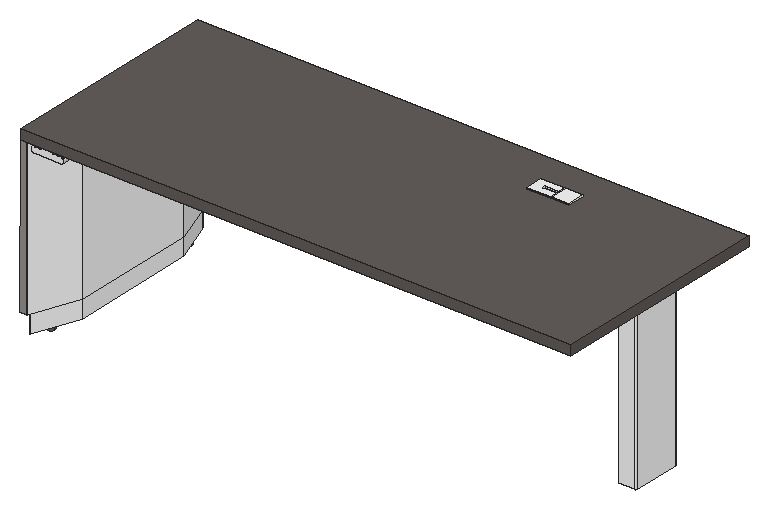
Revit family "Workstations-Multi_Level-Teknion-B_ARHB-Run-Off_High_Secondary_Bevel_Base-R2018", category Furniture, Revit 2018
Family settings
  OmniClass Number = 23.40.20.00
  OmniClass Title = General Furniture and Specialties
  Work Plane-Based = No
  Always vertical = Yes
  Cut with Voids When Loaded = No
  Shared = Yes
  Room Calculation Point = No
Parameters (values of type "1-9/16" Thick WS, 35"d")
  Worksurface Thickness = 1.555"
  Worksurface Finish [instance] = Veneer - Teknion - VB - Flintwood - Black Walnut
  Width [instance] = 87.000"
  Warranty = "http://www.teknion.com/ca/papers/legal-canada"
  Unit Weight URL = "http://www.teknion.com/ca/tools/assets#&asset=bee6a381-b954-425e-8283-5a2de3a804f2,f828d448-4b62-4231-9e5f-9a8991c0ed77"
  Product Documentation Link #5 = "http://www.teknion.com/pricing/expansion-casegoods/pdfs/BASMM_ppg.pdf"
  Product Documentation Link #4 = "http://www.teknion.com/pricing/expansion-casegoods/pdfs/BASMG_ppg.pdf"
  Product Documentation Link #3 = "http://www.teknion.com/pricing/expansion-casegoods/pdfs/BASML_ppg.pdf"
  Product Documentation Link #2 = "http://www.teknion.com/pricing/expansion-casegoods/pdfs/BASME_ppg.pdf"
  No Grommet Option [instance] = not(or(Has Centered Rectangular & Square Grommet, Has Centered Rectangular Grommet, Has Offset Rectangular & Square Grommet, Has Offset Rectangular Grommet))  # no
  Actual Height [instance] = Height - 1.193"  # 27.807"
  URL = "www.teknion.com"
  Sustainability Data = "http://www.teknion.com/ca/tools/assets#&topic=216f99a5-57a0-44fc-b10a-9dee9b29ae4c&asset=444deb64-fe58-4b68-981e-f75e97781df7"
  Suspended Modesty Panel Options [instance] = "Select one of the options below."  # constant formula
  Suspended Modesty Panel - Solid Finish [instance] = Veneer-Teknion-5T-Flintwood-White_Truffle (Long Grain)
  Suspended Modesty Panel - Solid [instance] = no
  Suspended Modesty Panel - Metal Finish [instance] = Paint-Teknion-20-T-Foundation-Atrium White
  Suspended Modesty Panel - Metal [instance] = no
  Suspended Modesty Panel - Glass Hardware Finish = Paint - Teknion - Mica - Very White
  Suspended Modesty Panel - Glass Finish [instance] = Glass - Teknion - FT - Frosted Glass
  Suspended Modesty Panel - Glass [instance] = no
  Suspended Modesty Panel - Felt Finish [instance] = Fabric-Teknion-RB13-Carrera
  Suspended Modesty Panel - Felt [instance] = no
  Suspended Modesty Height Options [instance] = "Select one of the options below."  # constant formula
  Square Grommet Visibility [instance] = or(Has Centered Rectangular & Square Grommet, Has Offset Rectangular & Square Grommet)  # no
  Square Grommet Horizontal Offset [instance] = if(Has Centered Rectangular & Square Grommet, Width / 2 - 1.008", Width / 2 + 3.492")  # 46.992"
  Square Grommet Hole Depth [instance] = if(or(Has Centered Rectangular & Square Grommet, Has Offset Rectangular & Square Grommet), 5.893", 0.500")  # 0.500"
  Series = "Expansion Casegoods"  # constant formula
  Product Page URL = "http://www.teknion.com/ca/products/product-details?productlineid=0053336e-8e7a-673b-a6c8-ff00004460c4"
  Product Line = "Expansion Casegoods"  # constant formula
  Product Documentation Link = "http://www.teknion.com/pricing/expansion-casegoods/pdfs/B_ARHB_ppg.pdf"
  Part Number = "B_ARHB"  # constant formula
  Panel Offset [instance] = if([Connects to 20" Depth High Secondary Desk], 19.000", 23.000")  # 19.000"
  Panel Height [instance] = if([10" Height Suspended Modesty Panel], 10.009", 6.636")  # 10.009"
  Model = "BXARHBE35_____"
  Manufacturer Phone = "416-661-3370"  # constant formula
  Manufacturer Fax = "416.661.4586"  # constant formula
  Manufacturer Contact Information = "http://www.teknion.com/ca/contactus"
  Manufacturer Address = "1150 Flint Road, Toronto, ON. M3J 2J5. Canada"  # constant formula
  Manufacturer = "Teknion"  # constant formula
  Left Door Cabinet Front Face Length [instance] = if(Depth = 24.000", 8.250", 10.250")  # 10.250"
  Height [instance] = 29.000"
  Has Offset Rectangular Grommet [instance] = yes
  Has Offset Rectangular & Square Grommet [instance] = no
  Has Centered Rectangular Grommet [instance] = no
  Has Centered Rectangular & Square Grommet [instance] = no
  Grommet Option Note [instance] = "Please choose one of the following options below."  # constant formula
  Connects to 24" Depth High Secondary Desk [instance] = not([Connects to 20" Depth High Secondary Desk])  # no
  Connection to Secondary Desk Note [instance] = "Please choose one of the following options below."  # constant formula
  Connection Node Visibility [instance] = yes
  Available Widths [instance] = "57, 63, 69, 75, 81, 87 inches."  # constant formula
  Grommet Visibility [instance] = or(Has Centered Rectangular Grommet, Has Centered Rectangular & Square Grommet, Has Offset Rectangular & Square Grommet, Has Offset Rectangular Grommet)  # yes
  Grommet Horizontal Offset [instance] = if(or(Has Centered Rectangular Grommet, Has Centered Rectangular & Square Grommet), Width / 2 - 3.327", 22.173")  # 22.173"
  Grommet Finish [instance] = Mica - Teknion - V - Satin - Very White
  End Gable Finish [instance] = Source Laminate - Teknion - DE - Latte
  Description = "Height-Adjustable Run-Off – High Secondary Desk - Bevel Base, 1-9/16\" Thick Worksurface Thickness, Extended Range Electric - 29\" to 48\", 35\" Depth"
  Depth = 35.000"
  Connects to 20" Depth High Secondary Desk [instance] = yes
  Base Width Offset [instance] = if(Depth = 30.000", 13.973", 20.000")  # 20.000"
  Base Finish [instance] = Mica - Teknion - V - Satin - Very White
  Available Heights [instance] = "29 inches to 48 inches."  # constant formula
  Assembly Code = "E2020200"
  Accessory Offset [instance] = if(Depth = 24.000", 2.909", 4.877")  # 4.877"
  6" Height Suspended Modesty Panel [instance] = no
  10" Height Suspended Modesty Panel [instance] = yes
Types (4): name | Worksurface Thickness | Model | Description | Depth
  1-3/16" Thick WS, 29"d | 1.18898" | "BMARHBE29_____" | "Height-Adjustable Run-Off – High Secondary Desk - Bevel Base, 1-3/16\" Thick Worksurface Thickness, Extended Range Electric - 29\" to 48\", 29\" Depth" | 29.000"
  1-3/16" Thick WS, 35"d | 1.18898" | "BMARHBE35_____" | "Height-Adjustable Run-Off – High Secondary Desk - Bevel Base, 1-3/16\" Thick Worksurface Thickness, Extended Range Electric - 29\" to 48\", 35\" Depth" | 35.000"
  1-9/16" Thick WS, 35"d | 1.555" | "BXARHBE35_____" | "Height-Adjustable Run-Off – High Secondary Desk - Bevel Base, 1-9/16\" Thick Worksurface Thickness, Extended Range Electric - 29\" to 48\", 35\" Depth" | 35.000"
  1-9/16" Thick WS, 29"d | 1.555" | "BXARHBE29_____" | "Height-Adjustable Run-Off – High Secondary Desk - Bevel Base, 1-9/16\" Thick Worksurface Thickness, Extended Range Electric - 29\" to 48\", 29\" Depth" | 29.000"
Reference planes (in)
  plane 1 "Center Front/Back": x = 8.90555
  plane 2: z = 0
  plane 3 "Center Left/Right": y = -7.56999
  plane 4 "Left": y = 9.93001
  plane 5 "Right": y = -25.06999
  plane 6 "Back": x = 52.40555
  plane 7 "Front": x = -34.59445
  plane 8 "Top": z = 29.362
  plane 9: z = 27.807
  plane 10: z = 30.112
  plane 11: z = 29.51948
  plane 12: z = 0.60236
  plane 13: z = 3.44882
  plane 14: y = -10.56999
  plane 15: y = -4.56999
  plane 16: x = 29.50755
  plane 17: x = -26.16926
  plane 18: y = -24.20385
  plane 19 "Panel Ref Level Plane": y = 1.42101
  plane 20: x = 33.40555
  plane 21: x = -29.59445
  plane 22 "Bottom of Panel Plane": z = 17.798
  plane 23: z = 26.618
  plane 24: z = 25.783
  plane 25: y = -7.06999
Forms (in)
  Extrusion 1, solid, material "Veneer - Teknion - VB - Flintwood - Black Walnut" <- "Worksurface Finish"
    sketch origin (-182.72571, 43.43001, 29.362) x (0, 1, 0) y (-1, 0, 0)
      loop
        line (-33.5, -235.13125) -> (-33.5, -148.13125) -> (-68.5, -148.13125) -> (-68.5, -235.13125) -> (-33.5, -235.13125)
    from 0 to -1.555
  Extrusion 2, void
    sketch origin (-2.72571, -3.23929, 23.85724) x (0, -1, 0) y (1, 0, 0)
      loop
        arc (-3.13386, 30.63925) -> (-3.42617, 30.51818) -> (-3.54724, 30.22587) r 0.41339
        line (-3.54724, 30.22587) -> (-3.54724, 29.03689)
        arc (-3.54724, 29.03689) -> (-3.42617, 28.74458) -> (-3.13386, 28.62351) r 0.41339
        line (-3.13386, 28.62351) -> (-1.94488, 28.62351)
        arc (-1.94488, 28.62351) -> (-1.65257, 28.74458) -> (-1.5315, 29.03689) r 0.41339
        line (-1.5315, 29.03689) -> (-1.5315, 30.22587)
        arc (-1.5315, 30.22587) -> (-1.65257, 30.51818) -> (-1.94488, 30.63925) r 0.41339
        line (-1.94488, 30.63925) -> (-3.13386, 30.63925)
    from 5.75476 to 6.25476
  Extrusion 3, solid, material "Mica - Teknion - V - Satin - Very White" <- "Grommet Finish", visible <- "Grommet Visibility"
    sketch origin (-178.72571, 1.52133, 29.51948) x (0, 1, 0) y (-1, 0, 0)
      loop
        line (0.68761, -208.95825) -> (3.53168, -208.95825) -> (3.53168, -206.11103) -> (0.68761, -206.11103) -> (0.68761, -208.95825)
    from 0 to -0.15748
  Extrusion 4, solid, material "Mica - Teknion - V - Satin - Very White" <- "Grommet Finish", visible <- "Grommet Visibility"
    sketch origin (-178.72571, 1.52133, 29.51948) x (0, 1, 0) y (-1, 0, 0)
      loop
        line (3.53168, -206.11103) -> (3.53168, -202.30494) -> (0.68761, -202.30494) -> (0.68761, -206.11103) -> (1.89697, -206.11103) -> (1.89697, -203.83242) -> (2.32232, -203.83242) -> (2.32232, -206.11103) -> (3.53168, -206.11103)
    from 0 to -0.15748
  Extrusion 5, solid, material "Mica - Teknion - V - Satin - Very White" <- "Base Finish"
    sketch origin (-182.72571, -19.21289, 0.60236) x (-1, 0, 0) y (0, 1, 0)
      loop
        arc (-149.22574, 28.61688) -> (-149.27478, 28.67507) -> (-149.34045, 28.63663) r 0.05906
        line (-149.34045, 28.63663) -> (-151.94621, 21.6429) -> (-151.94621, 1.6429) -> (-149.34045, -5.35083)
        arc (-149.34045, -5.35083) -> (-149.27478, -5.38928) -> (-149.22574, -5.33108) r 0.05906
        line (-149.22574, -5.33108) -> (-149.22574, 28.61688)
    from 0 to -2.84646
  Extrusion 6, solid, material "Mica - Teknion - V - Satin - Very White" <- "Base Finish"
    sketch origin (-182.72571, -19.21289, 3.44882) x (-1, 0, 0) y (0, 1, 0)
      loop
        line (-152.02496, 21.6429) -> (-152.02496, 1.6429) -> (-149.25964, -5.82288)
        arc (-149.25964, -5.82288) -> (-149.23784, -5.84782) -> (-149.20606, -5.8571) r 0.05906
        line (-149.20606, -5.8571) -> (-149.147, -5.8571) -> (-149.147, 29.1429) -> (-149.20606, 29.1429)
        arc (-149.20606, 29.1429) -> (-149.23784, 29.13361) -> (-149.25964, 29.10868) r 0.05906
        line (-149.25964, 29.10868) -> (-152.02496, 21.6429)
    from 0 to -24.35818
  Extrusion 7, solid, material "Source Laminate - Teknion - DE - Latte" <- "End Gable Finish"
    sketch origin (-182.72571, -19.21289, 3.44882) x (-1, 0, 0) y (0, 1, 0)
      loop
        line (-148.13125, 29.1429) -> (-149.147, 29.1429) -> (-149.147, -5.8571) -> (-148.13125, -5.8571) -> (-148.13125, 29.1429)
    from 0 to -24.35818
  Extrusion 8, solid, material "Mica - Teknion - V - Satin - Very White" <- "Base Finish"
    sketch origin (5.89783, -7.56999, 25.81102) x (1, 0, 0) y (0, 1, 0)
      loop
        line (-32.60252, 5.90551) -> (-36.59859, 5.90551) -> (-36.59859, -5.90551) -> (-32.60252, -5.90551) -> (-32.60252, 5.90551)
    from 1.40543 to 1.99598
  Extrusion 9, solid, material "Mica - Teknion - V - Satin - Very White" <- "Base Finish"
    sketch origin (5.89783, -7.56999, 25.81102) x (1, 0, 0) y (0, 1, 0)
      loop
        line (23.60971, -3) -> (23.60971, 3) -> (-32.06709, 3) -> (-32.06709, -3) -> (23.60971, -3)
    from -0.00402 to 1.99598
  Extrusion 10, solid, material "Plastic - Teknion - 52 - Ebony"
    sketch origin (-182.72571, -19.21289, 0.60236) x (-1, 0, 0) y (0, 1, 0)
      loop
        circle (-149.89214, 25.22735) r 0.5
    from 0 to 0.60236
  Extrusion 11, solid, material "Plastic - Teknion - 52 - Ebony"
    sketch origin (-182.72571, 4.0729, 0.60236) x (1, 0, 0) y (0, -1, 0)
      loop
        circle (149.89214, 25.22735) r 0.5
    from 0 to 0.60236
  Extrusion 12, solid, material "Mica - Teknion - V - Satin - Very White"
    sketch origin (0, -7.56999, 0) x (1, 0, 0) y (0, 0, 1)
      loop
        arc (-28.19682, 26.70464) -> (-27.70469, 27.19676) -> (-28.19682, 27.68889) r 0.49213
        line (-28.19682, 27.68889) -> (-29.47634, 27.68889) -> (-29.47634, 27.807) -> (-31.05115, 27.807) -> (-31.05115, 27.68889) -> (-32.33067, 27.68889)
        arc (-32.33067, 27.68889) -> (-32.8228, 27.19676) -> (-32.33067, 26.70464) r 0.49213
        line (-32.33067, 26.70464) -> (-28.19682, 26.70464)
    from 16.63386 to 17.5
  Sweep 13, solid, material "Mica - Teknion - V - Satin - Very White" <- "Base Finish"
    path origin (45.45455, -45.87301, 0) x (0, -1, 0) y (0, 0, 1)
      loop
        line (2.5, 2.41339) -> (2.5, 27.807)
    profile origin (45.45455, -48.37301, 15.11019) x (0, 1, 0) y (-1, 0, 0)
      loop
        arc (45.07861, -6.07305) -> (45.25538, -5.99982) -> (45.32861, -5.82305) r 0.25
        line (45.32861, -5.82305) -> (45.32861, -3.38998)
        arc (45.32861, -3.38998) -> (45.25538, -3.2132) -> (45.07861, -3.13998) r 0.25
        line (45.07861, -3.13998) -> (37.52743, -3.13998)
        arc (37.52743, -3.13998) -> (37.35065, -3.2132) -> (37.27743, -3.38998) r 0.25
        line (37.27743, -3.38998) -> (37.27743, -5.82305)
        arc (37.27743, -5.82305) -> (37.35065, -5.99982) -> (37.52743, -6.07305) r 0.25
        line (37.52743, -6.07305) -> (45.07861, -6.07305)
  Sweep 14, solid, material "Mica - Teknion - V - Satin - Very White" <- "Base Finish"
    path origin (45.45455, -45.87301, 0) x (0, -1, 0) y (0, 0, 1)
      loop
        line (2.5, 27.807) -> (2.5, 27.05503)
    profile origin (45.45455, -48.37301, 27.43102) x (-1, 0, 0) y (0, -1, 0)
      loop
        line (-3.13998, -43.20262) -> (1.22026, -43.20262) -> (1.22026, -39.40341) -> (-3.13998, -39.40341) -> (-3.13998, -43.20262)
  Sweep 15, solid, material "Veneer-Teknion-5T-Flintwood-White_Truffle (Long Grain)" <- "Suspended Modesty Panel - Solid Finish", visible <- "Suspended Modesty Panel - Solid"
    path origin (18.54321, 17.78974, -0.36198) x (1, 0, 0) y (0, 1, 0)
      loop
        line (-48.13766, -33.24036) -> (14.86234, -33.24036)
    profile origin (1.90555, -15.45062, -0.36198) x (0, 1, 0) y (0, 0, 1)
      loop
        line (17.3795, 28.16898) -> (16.36375, 28.16898) -> (16.36375, 18.15998) -> (17.3795, 18.15998) -> (17.3795, 28.16898)
  Sweep 16, solid, material "Paint - Teknion - Foundation - Ebony", visible <- "Suspended Modesty Panel - Felt"
    path origin (-17.09445, -22.07012, -0.36198) x (-1, 0, 0) y (0, -1, 0)
      loop
        line (-50.5, -6.6205) -> (12.5, -6.6205)
    profile origin (1.90555, -15.44962, -0.36198) x (0, -1, 0) y (0, 0, 1)
      loop
        line (-17.10391, 18.15998) -> (-17.05667, 18.15998) -> (-17.05667, 28.12153) -> (-16.51336, 28.12153) -> (-16.51336, 27.53885) -> (-16.46611, 27.53885) -> (-16.46611, 28.16877) -> (-17.10391, 28.16877) -> (-17.10391, 18.15998)
  Sweep 17, solid, material "Fabric-Teknion-RB13-Carrera" <- "Suspended Modesty Panel - Felt Finish", visible <- "Suspended Modesty Panel - Felt"
    path origin (-17.09445, -22.07012, -0.36198) x (-1, 0, 0) y (0, -1, 0)
      loop
        line (-50.5, -6.6205) -> (12.5, -6.6205)
    profile origin (1.90555, -15.44962, -0.36198) x (0, -1, 0) y (0, 0, 1)
      loop
        line (-16.78107, 27.57805) -> (-17.05667, 27.57805) -> (-17.05667, 18.15998) -> (-16.78107, 18.15998) -> (-16.78107, 27.57805)
      loop
        line (-17.10391, 18.15998) -> (-17.10391, 27.57805) -> (-17.3795, 27.57805) -> (-17.3795, 18.15998) -> (-17.10391, 18.15998)
  Sweep 18, solid, material "Glass - Teknion - FT - Frosted Glass" <- "Suspended Modesty Panel - Glass Finish", visible <- "Suspended Modesty Panel - Glass"
    path origin (-18.59445, -22.07012, -0.36198) x (-1, 0, 0) y (0, -1, 0)
      loop
        line (-52, -6.6205) -> (11, -6.6205)
    profile origin (1.90555, -15.44962, -0.36198) x (0, -1, 0) y (0, 0, 1)
      loop
        line (-17.14328, 28.16898) -> (-17.3795, 28.16898) -> (-17.3795, 18.15998) -> (-17.14328, 18.15998) -> (-17.14328, 28.16898)
  Sweep 19, solid, material "Paint - Teknion - Mica - Very White" <- "Suspended Modesty Panel - Glass Hardware Finish", visible <- "Suspended Modesty Panel - Glass"
    path origin (-18.59445, -22.07012, -0.36198) x (-1, 0, 0) y (0, -1, 0)
      loop
        line (-52, -6.6205) -> (11, -6.6205)
    profile origin (1.90555, -15.44962, -0.36198) x (0, -1, 0) y (0, 0, 1)
      loop
        line (-16.75352, 28.0546) -> (-17.14328, 28.0546) -> (-17.14328, 26.86562) -> (-16.75352, 26.86562) -> (-16.75352, 28.0546)
  Sweep 20, solid, material "Paint-Teknion-20-T-Foundation-Atrium White" <- "Suspended Modesty Panel - Metal Finish", visible <- "Suspended Modesty Panel - Metal"
    path origin (18.54321, 17.78974, -0.36198) x (1, 0, 0) y (0, 1, 0)
      loop
        line (-48.13766, -30.24036) -> (14.86234, -30.24036)
    profile origin (1.90555, -12.45062, -0.36198) x (0, 1, 0) y (0, 0, 1)
      loop
        line (14.3795, 28.16898) -> (13.36375, 28.16898) -> (13.36375, 18.15998) -> (14.3795, 18.15998) -> (14.3795, 28.16898)
  Sweep 21, void
    path origin (0, 0, 0) x (1, 0, 0) y (0, 1, 0)
      loop
        line (8.90555, 0.91313) -> (8.90555, 1.88088)
    profile origin (8.90555, 1.39701, 0) x (-1, 0, 0) y (0, 0, 1)
      loop
        line (37.3563, 26.03548) -> (-23.356, 26.03548) -> (-23.356, 19.05784) -> (37.3563, 19.05784) -> (37.3563, 26.03548)
Cuts and joins
  Extrusion 2 cuts Extrusion 1
  Sweep 21 cuts Sweep 20
Lines and regions (in)
  Masking region 1
    outline origin (-182.72571, -19.21289, 0.60236) x (-1, 0, 0) y (0, -1, 0)
      loop
        line (-235.13125, -29.1429) -> (-148.13125, -29.1429) -> (-148.13125, 5.8571) -> (-235.13125, 5.8571) -> (-235.13125, -29.1429)
  symbolic lines, style "FurnitureHiddenLines", detail levels fine
    curve 1: arc (-32.33357, -21.15445, 0.60236) -> (-32.83357, -20.65445, 0.60236) -> (-33.33357, -21.15445, 0.60236) r 0.5
    curve 2: arc (-33.33357, -21.15445, 0.60236) -> (-32.83357, -21.65445, 0.60236) -> (-32.33357, -21.15445, 0.60236) r 0.5
    curve 3: arc (-33.33357, 6.01446, 0.60236) -> (-32.83357, 5.51446, 0.60236) -> (-32.33357, 6.01446, 0.60236) r 0.5
    curve 4: arc (-32.33357, 6.01446, 0.60236) -> (-32.83357, 6.51446, 0.60236) -> (-33.33357, 6.01446, 0.60236) r 0.5
    curve 7: line (-26.16926, -10.56999, 0.60236) -> (29.50755, -10.56999, 0.60236)
    curve 8: line (29.50755, -10.56999, 0.60236) -> (29.50755, -4.56999, 0.60236)
    curve 9: line (29.50755, -4.56999, 0.60236) -> (-26.16926, -4.56999, 0.60236)
    curve 10: line (-26.16926, -4.56999, 0.60236) -> (-26.16926, -10.56999, 0.60236)
    curve 51: line (48.59452, -5.17039, 0) -> (48.59452, -8.9696, 0)
  symbolic lines, style "FurnitureHiddenLines", detail levels medium+fine
    curve 5: line (-30.70075, -1.66448, 0.60236) -> (-26.70469, -1.66448, 0.60236)
    curve 6: line (-26.70469, -1.66448, 0.60236) -> (-26.70469, -13.47551, 0.60236)
    curve 29: line (-30.70075, -20.56999, 0.60236) -> (-33.48726, -25.06999, 0.60236)
    curve 30: line (-33.48726, -25.06999, 0.60236) -> (-33.5787, -25.06999, 0.60236)
    curve 31: line (-33.5787, 9.93001, 0.60236) -> (-33.5787, -25.06999, 0.60236)
    curve 32: line (-33.48726, 9.93001, 0.60236) -> (-33.5787, 9.93001, 0.60236)
    curve 33: line (-33.48726, 9.93001, 0.60236) -> (-30.70075, 5.43001, 0.60236)
    curve 34: line (-30.70075, 5.43001, 0.60236) -> (-30.70075, -20.56999, 0.60236)
    curve 35: line (-26.70469, -13.47551, 0.60236) -> (-30.70075, -13.47551, 0.60236)
    curve 40: line (48.59452, -3.2944, 0) -> (48.59452, -5.17039, 0)
    curve 41: line (51.52759, -10.84559, 0) -> (51.52759, -3.2944, 0)
    curve 42: line (51.27759, -3.0444, 0) -> (48.84452, -3.0444, 0)
    curve 43: line (48.84452, -11.09559, 0) -> (51.27759, -11.09559, 0)
    curve 44: line (48.59452, -5.17039, 0) -> (44.23429, -5.17039, 0)
    curve 45: line (44.23429, -5.17039, 0) -> (44.23429, -8.9696, 0)
    curve 46: line (44.23429, -8.9696, 0) -> (48.59452, -8.9696, 0)
    curve 47: arc (48.59452, -3.2944, 0) -> (48.66775, -3.11763, 0) -> (48.84452, -3.0444, 0) r 0.25
    curve 48: arc (51.27759, -3.0444, 0) -> (51.45437, -3.11763, 0) -> (51.52759, -3.2944, 0) r 0.25
    curve 49: arc (51.52759, -10.84559, 0) -> (51.45437, -11.02236, 0) -> (51.27759, -11.09559, 0) r 0.25
    curve 50: arc (48.84452, -11.09559, 0) -> (48.66775, -11.02236, 0) -> (48.59452, -10.84559, 0) r 0.25
    curve 52: line (48.59452, -8.9696, 0) -> (48.59452, -10.84559, 0)
  symbolic lines, visible <- "Square Grommet Visibility"
    curve 11: line (27.91355, -0.10543, 0.60236) -> (27.91355, -1.2944, 0.60236)
    curve 12: line (25.8978, -1.2944, 0.60236) -> (25.8978, -0.10543, 0.60236)
    curve 13: line (26.31118, 0.30796, 0.60236) -> (27.50016, 0.30796, 0.60236)
    curve 14: line (27.50016, -1.70779, 0.60236) -> (26.31118, -1.70779, 0.60236)
    curve 15: arc (27.50016, -1.70779, 0.60236) -> (27.79247, -1.58671, 0.60236) -> (27.91355, -1.2944, 0.60236) r 0.41339
    curve 16: arc (27.91355, -0.10543, 0.60236) -> (27.79247, 0.18688, 0.60236) -> (27.50016, 0.30796, 0.60236) r 0.41339
    curve 17: arc (26.31118, 0.30796, 0.60236) -> (26.01888, 0.18688, 0.60236) -> (25.8978, -0.10543, 0.60236) r 0.41339
    curve 18: arc (25.8978, -1.2944, 0.60236) -> (26.01888, -1.58671, 0.60236) -> (26.31118, -1.70779, 0.60236) r 0.41339
  symbolic lines, visible <- "Grommet Visibility"
    curve 19: line (30.23255, 5.05301, 0.60236) -> (30.23255, 2.20894, 0.60236)
    curve 20: line (30.23255, 2.20894, 0.60236) -> (27.38532, 2.20894, 0.60236)
    curve 21: line (27.38532, 2.20894, 0.60236) -> (23.57923, 2.20894, 0.60236)
    curve 22: line (23.57923, 2.20894, 0.60236) -> (23.57923, 5.05301, 0.60236)
    curve 23: line (23.57923, 5.05301, 0.60236) -> (27.38532, 5.05301, 0.60236)
    curve 24: line (27.38532, 5.05301, 0.60236) -> (30.23255, 5.05301, 0.60236)
    curve 25: line (27.38532, 2.20894, 0.60236) -> (27.38532, 5.05301, 0.60236)
    curve 26: line (27.38532, 3.84365, 0.60236) -> (25.10671, 3.84365, 0.60236)
    curve 27: line (25.10671, 3.84365, 0.60236) -> (25.10671, 3.4183, 0.60236)
    curve 28: line (25.10671, 3.4183, 0.60236) -> (27.38532, 3.4183, 0.60236)
  reference lines, not visible
    curve 36: line (-34.59445, 9.93001, 0.60236) -> (-34.59445, -25.06999, 0.60236)
    curve 37: line (52.40555, 9.93001, 0.60236) -> (-34.59445, 9.93001, 0.60236)
    curve 38: line (52.40555, 9.93001, 0.60236) -> (52.40555, -25.06999, 0.60236)
    curve 39: line (52.40555, -25.06999, 0.60236) -> (-34.59445, -25.06999, 0.60236)
  symbolic lines, style "FurnitureHiddenLines", visible <- "Suspended Modesty Panel - Metal", detail levels fine
    curve 53: line (-28.45075, 1.88088, 0) -> (-28.45075, 0.91313, 0)
    curve 54: line (32.26155, 1.88088, 0) -> (-28.45075, 1.88088, 0)
    curve 55: line (32.26155, 0.91313, 0) -> (32.26155, 1.88088, 0)
  symbolic lines, style "FurnitureHiddenLines", visible <- "Suspended Modesty Panel - Solid", detail levels medium+fine
    curve 56: line (-29.59445, 0.91313, 0) -> (33.40555, 0.91313, 0)
    curve 61: line (-29.59445, 0.91313, 0) -> (-29.59445, 1.92888, 0)
    curve 62: line (33.40555, 0.91313, 0) -> (33.40555, 1.92888, 0)
    curve 63: line (-29.59445, 0.91313, 0) -> (33.40555, 0.91313, 0)
    curve 64: line (33.40555, 1.92888, 0) -> (-29.59445, 1.92888, 0)
  symbolic lines, style "FurnitureHiddenLines", visible <- "Suspended Modesty Panel - Metal", detail levels medium+fine
    curve 57: line (-29.59445, 0.91313, 0) -> (-29.59445, 1.92888, 0)
    curve 58: line (33.40555, 1.92888, 0) -> (-29.59445, 1.92888, 0)
    curve 59: line (-29.59445, 0.91313, 0) -> (33.40555, 0.91313, 0)
    curve 60: line (33.40555, 0.91313, 0) -> (33.40555, 1.92888, 0)
  symbolic lines, style "FurnitureHiddenLines", visible <- "Suspended Modesty Panel - Felt", detail levels medium+fine
    curve 65: line (-29.59445, 1.92988, 0) -> (-29.59445, 1.01649, 0)
    curve 66: line (33.40555, 1.92988, 0) -> (-29.59445, 1.92988, 0)
    curve 67: line (33.40555, 1.92988, 0) -> (33.40555, 1.01649, 0)
    curve 68: line (-29.59445, 1.01649, 0) -> (33.40555, 1.01649, 0)
  symbolic lines, style "FurnitureHiddenLines", visible <- "Suspended Modesty Panel - Felt", detail levels fine
    curve 69: line (33.40555, 1.65429, 0) -> (-29.59445, 1.65429, 0)
    curve 70: line (-29.59445, 1.60704, 0) -> (33.40555, 1.60704, 0)
    curve 71: line (-29.59445, 1.33145, 0) -> (33.40555, 1.33145, 0)
  symbolic lines, style "FurnitureHiddenLines", visible <- "Suspended Modesty Panel - Glass", detail levels medium+fine
    curve 72: line (33.40555, 1.92988, 0) -> (-29.59445, 1.92988, 0)
    curve 73: line (33.40555, 1.92988, 0) -> (-29.59445, 1.92988, 0)
    curve 74: line (-29.59445, 1.69366, 0) -> (33.40555, 1.69366, 0)
    curve 75: line (-29.59445, 1.92988, 0) -> (-29.59445, 1.69366, 0)
    curve 76: line (33.40555, 1.92988, 0) -> (33.40555, 1.69366, 0)
    curve 77: line (33.40555, 1.69366, 0) -> (33.40555, 1.3039, 0)
    curve 78: line (-29.59445, 1.3039, 0) -> (33.40555, 1.3039, 0)
    curve 79: line (-29.59445, 1.69366, 0) -> (-29.59445, 1.3039, 0)
Dimensions and locks (in)
  "Depth": plane 4 "Left" to plane 5 "Right"
  "Width": plane 6 "Back" to plane 7 "Front"
  "Actual Height": plane 9 to level
  equal spacing: plane 7 "Front", plane 1 "Center Front/Back", plane 6 "Back"
  "Worksurface Thickness": plane 8 "Top" to plane 9
  Extrusion 2 sketch curve to Extrusion 2 sketch curve to Extrusion 2 sketch curve to Extrusion 2 sketch curve to Extrusion 2 sketch curve to Extrusion 2 sketch curve = 0.41339" locked, 0.000" locked, 1.18898" locked, 0.000" locked, 0.41339" locked  (x2)
  locked: plane 10 to plane 8 "Top" at 0.75
  "Square Grommet Hole Depth": plane 10 to Extrusion 2
  locked: plane 11 to plane 8 "Top" at 0.15748
  locked: Extrusion 3 sketch curve to Extrusion 3 sketch curve at 2.84406
  Extrusion 4 sketch curve to Extrusion 4 sketch curve to Extrusion 4 sketch curve to Extrusion 4 sketch curve = 1.52748" locked, 2.2786" locked, 0.000" locked
  Extrusion 4 sketch curve to Extrusion 4 sketch curve to Extrusion 4 sketch curve to Extrusion 4 sketch curve = 1.20936" locked, 0.42535" locked, 1.20936" locked
  locked: plane 12 to plane 2 at 0.60236
  locked: plane 9 to plane 13 at 24.35818
  locked: Extrusion 6 sketch curve to plane 5 "Right" at 0.05906
  locked: plane 4 "Left" to Extrusion 6 sketch curve at 0.05906
  plane 7 "Front" to Extrusion 6 sketch curve to Extrusion 6 sketch curve = 1.01575" locked, 2.87795" locked
  plane 7 "Front" to Extrusion 8 sketch curve to Extrusion 8 sketch curve = 3.8937" locked, 3.99606" locked
  plane 15 to plane 3 "Center Left/Right" to plane 14 = 3.000" locked, 3.000" locked
  locked: plane 7 "Front" to plane 17 at 8.4252
  locked: plane 7 "Front" to Extrusion 10 sketch curve at 1.76089
  locked: plane 4 "Left" to Extrusion 10 sketch curve at 3.91555
  locked: plane 7 "Front" to Extrusion 11 sketch curve at 1.76089
  locked: Extrusion 11 sketch curve to plane 5 "Right" at 3.91555
  locked: plane 18 to plane 5 "Right" at 0.86614
  Extrusion 12 sketch curve to Extrusion 12 sketch curve to Extrusion 12 sketch curve to Extrusion 12 sketch curve to plane 7 "Front" = 1.27953" locked, 1.5748" locked, 1.27953" locked, 2.26378" locked
  Extrusion 12 sketch curve to Extrusion 12 sketch curve to Extrusion 12 sketch curve to Extrusion 12 sketch curve to Extrusion 12 sketch curve to plane 9 = 0.49213" locked, 0.000" locked, 0.49213" locked, 0.000" locked, 0.11811" locked
  equal spacing: plane 4 "Left", plane 3 "Center Left/Right", plane 5 "Right"
  Extrusion 8 sketch curve to plane 3 "Center Left/Right" to Extrusion 8 sketch curve = 5.90551" locked, 5.90551" locked
  equal spacing: Extrusion 6 sketch curve, plane 3 "Center Left/Right", Extrusion 6 sketch curve
  "Base Width Offset": Extrusion 6 sketch curve to Extrusion 6 sketch curve
  locked: Extrusion 5 sketch curve to plane 5 "Right" at 0.52602
  locked: plane 4 "Left" to Extrusion 5 sketch curve at 0.52602
  locked: plane 7 "Front" to Extrusion 5 sketch curve at 1.09449
  plane 7 "Front" to Extrusion 5 sketch curve to Extrusion 5 sketch curve = 1.15354" locked, 2.66142" locked
  locked: plane 7 "Front" to Extrusion 5 sketch curve at 1.15354
  "Accessory Offset": plane 4 "Left" to Extrusion 3 sketch curve
  "Accessory Offset": plane 4 "Left" to Extrusion 4 sketch curve
  locked: Extrusion 3 to Extrusion 2 sketch curve at 4.74505
  locked: Extrusion 3 sketch curve to Extrusion 3 sketch curve at 2.84723
  locked: plane 4 "Left" to plane 19 "Panel Ref Level Plane" at 8.509
  "Panel Offset": plane 20 to plane 6 "Back"
  locked: plane 9 to plane 23 at 1.189
  "Panel Height": plane 9 to plane 22 "Bottom of Panel Plane"
  locked: plane 7 "Front" to plane 21 at 5
  locked: plane 9 to Extrusion 8 at 0.59055
  locked: plane 9 to Extrusion 9 at 2
  equal spacing: Extrusion 5 sketch curve, plane 3 "Center Left/Right", Extrusion 5 sketch curve
  "Base Width Offset": Extrusion 5 sketch curve to Extrusion 5 sketch curve
  "Grommet Horizontal Offset": Extrusion 3 sketch curve to plane 6 "Back"
  locked: Extrusion 2 sketch curve to Extrusion 3 at 2.319
  locked: plane 16 to plane 6 "Back" at 22.898
  locked: Sweep 13 sketch curve to level at 2.41339
  Sweep 13 sketch curve to Sweep 13 sketch curve to Sweep 13 sketch curve to plane 3 "Center Left/Right" to Sweep 13 sketch curve to Sweep 13 sketch curve to Sweep 13 sketch curve = 0.250" locked, 0.000" locked, 4.27559" locked, 3.27559" locked, 0.000" locked, 0.250" locked
  plane 6 "Back" to Sweep 13 sketch curve to Sweep 13 sketch curve to Sweep 13 sketch curve to Sweep 13 sketch curve to Sweep 13 sketch curve to Sweep 13 sketch curve = 0.87795" locked, 0.250" locked, 0.000" locked, 2.43307" locked, 0.000" locked, 0.250" locked
  plane 6 "Back" to Sweep 14 sketch curve to Sweep 14 sketch curve = 3.81102" locked, 4.36024" locked
  Sweep 14 sketch curve to plane 3 "Center Left/Right" to Sweep 14 sketch curve = 2.39961" locked, 1.39961" locked
  locked: Sweep 14 sketch curve to plane 9 at 0.75197
  locked: plane 24 to level at 25.783
  plane 9 to Sweep 16 sketch curve to Sweep 16 sketch curve to Sweep 16 sketch curve = 0.0002" locked, 0.04724" locked, 0.58268" locked
  Sweep 16 sketch curve to Sweep 16 sketch curve to plane 19 "Panel Ref Level Plane" to Sweep 16 sketch curve to Sweep 16 sketch curve = 0.04724" locked, 0.35727" locked, 0.18604" locked, 0.04724" locked
  plane 9 to Sweep 17 sketch curve to Sweep 17 sketch curve = 0.59093" locked, 0.000" locked
  Sweep 19 sketch curve to plane 19 "Panel Ref Level Plane" to Sweep 19 sketch curve = 0.11711" locked, 0.27265" locked
  plane 9 to Sweep 19 sketch curve to Sweep 19 sketch curve = 0.11438" locked, 1.18898" locked
  Sweep 15 sketch curve to plane 19 "Panel Ref Level Plane" to Sweep 15 sketch curve = 0.50787" locked, 0.50787" locked
  Sweep 17 sketch curve to Sweep 17 sketch curve to Sweep 17 sketch curve to plane 19 "Panel Ref Level Plane" to Sweep 17 sketch curve = 0.27559" locked, 0.04724" locked, 0.18604" locked, 0.08955" locked
  plane 19 "Panel Ref Level Plane" to Sweep 18 sketch curve to Sweep 18 sketch curve = 0.27265" locked, 0.23622" locked
  Sweep 20 sketch curve to plane 19 "Panel Ref Level Plane" to Sweep 20 sketch curve = 0.50787" locked, 0.50787" locked
  Sweep 21 sketch curve to plane 19 "Panel Ref Level Plane" to Sweep 21 sketch curve = 0.45987" locked, 0.50787" locked
  locked: plane 20 to Sweep 21 sketch curve at 1.144
  locked: plane 21 to Sweep 21 sketch curve at 1.1437
  locked: Sweep 21 sketch curve to plane 22 "Bottom of Panel Plane" at 1.25984
  locked: plane 9 to Sweep 21 sketch curve at 1.77152
  locked: plane 3 "Center Left/Right" to plane 25 at 0.5
  curve 64 to plane 19 "Panel Ref Level Plane" to curve 63 = 0.50787" locked, 0.50787" locked
  curve 73 to curve 74 to plane 19 "Panel Ref Level Plane" to curve 78 = 0.23622" locked, 0.27265" locked, 0.11711" locked
  aligned and locked: level to plane 2
  aligned and locked: Extrusion 1 sketch curve to plane 4 "Left"
  aligned and locked: Extrusion 1 sketch curve to plane 6 "Back"
  aligned and locked: Extrusion 1 sketch curve to plane 5 "Right"
  aligned and locked: Extrusion 1 sketch curve to plane 7 "Front"
  aligned and locked: plane 8 "Top" to Extrusion 1
  aligned and locked: Extrusion 1 to plane 9
  aligned and locked: Extrusion 2 to plane 10
  aligned and locked: plane 11 to Extrusion 4
  aligned and locked: plane 11 to Extrusion 3
  aligned and locked: plane 8 "Top" to Extrusion 4
  aligned and locked: plane 8 "Top" to Extrusion 3
  aligned and locked: Extrusion 5 to plane 12
  aligned and locked: Extrusion 5 to plane 13
  aligned and locked: plane 4 "Left" to Extrusion 6 sketch curve
  aligned and locked: Extrusion 6 sketch curve to plane 5 "Right"
  aligned and locked: plane 13 to Extrusion 6
  aligned and locked: Extrusion 6 to plane 9
  aligned and locked: Extrusion 7 sketch curve to plane 7 "Front"
  aligned and locked: plane 4 "Left" to Extrusion 7 sketch curve
  aligned and locked: plane 5 "Right" to Extrusion 7 sketch curve
  aligned and locked: Extrusion 7 to plane 9
  aligned and locked: plane 13 to Extrusion 7
  aligned and locked: Extrusion 8 to plane 9
  aligned and locked: Extrusion 9 sketch curve to plane 14
  aligned and locked: Extrusion 9 sketch curve to plane 16
  aligned and locked: Extrusion 9 sketch curve to plane 15
  aligned and locked: plane 17 to Extrusion 9 sketch curve
  aligned and locked: Extrusion 9 to plane 9
  aligned and locked: plane 12 to Extrusion 10
  aligned and locked: Extrusion 10 to plane 2
  aligned and locked: Extrusion 11 to level
  aligned and locked: plane 12 to Extrusion 11
  aligned and locked: Extrusion 12 sketch curve to plane 9
  aligned and locked: plane 18 to Extrusion 12
  aligned and locked: Extrusion 12 to plane 5 "Right"
  aligned and locked: Masking region 1 sketch curve to plane 4 "Left"
  aligned and locked: Masking region 1 sketch curve to plane 5 "Right"
  aligned and locked: Masking region 1 sketch curve to plane 7 "Front"
  aligned and locked: Masking region 1 sketch curve to plane 6 "Back"
  aligned and locked: Extrusion 8 to curve 5
  aligned and locked: curve 30 to plane 5 "Right"
  aligned and locked: curve 32 to plane 4 "Left"
  aligned and locked: Extrusion 8 to curve 6
  aligned and locked: curve 35 to Extrusion 8
  aligned and locked: curve 4 to Extrusion 10
  aligned and locked: curve 2 to Extrusion 11
  aligned and locked: curve 10 to plane 17
  aligned and locked: curve 8 to plane 16
  aligned and locked: curve 17 to Extrusion 2
  aligned and locked: curve 16 to Extrusion 2
  aligned and locked: curve 15 to Extrusion 2
  aligned and locked: curve 18 to Extrusion 2
  aligned and locked: curve 23 to Extrusion 4
  aligned and locked: curve 26 to Extrusion 4
  aligned and locked: curve 28 to Extrusion 4
  aligned and locked: curve 21 to Extrusion 4
  aligned and locked: plane 9 to Extrusion 8
  aligned and locked: plane 9 to Extrusion 9
  aligned and locked: Extrusion 4 sketch curve to Extrusion 3
  aligned and locked: curve 19 to Extrusion 3
  aligned and locked: curve 25 to Extrusion 3
  aligned and locked: curve 24 to Extrusion 3
  aligned and locked: curve 20 to Extrusion 3
  aligned and locked: curve 22 to Extrusion 4
  aligned and locked: curve 27 to Extrusion 4
  aligned and locked: curve 36 to plane 7 "Front"
  aligned and locked: curve 37 to plane 4 "Left"
  aligned and locked: curve 38 to plane 6 "Back"
  aligned and locked: curve 39 to plane 5 "Right"
  aligned and locked: plane 9 to Sweep 13 sketch curve
  aligned and locked: plane 9 to Sweep 14 sketch curve
  aligned and locked: plane 21 to Sweep 15 sketch curve
  aligned and locked: Sweep 15 sketch curve to plane 20
  aligned and locked: plane 9 to Sweep 15 sketch curve
  aligned and locked: Sweep 15 sketch curve to plane 22 "Bottom of Panel Plane"
  aligned and locked: plane 22 "Bottom of Panel Plane" to Sweep 17 sketch curve
  aligned and locked: Sweep 17 sketch curve to plane 22 "Bottom of Panel Plane"
  aligned and locked: Sweep 17 sketch curve to plane 20
  aligned and locked: plane 21 to Sweep 17 sketch curve
  aligned and locked: plane 22 "Bottom of Panel Plane" to Sweep 16 sketch curve
  aligned and locked: plane 21 to Sweep 16 sketch curve
  aligned and locked: Sweep 16 sketch curve to plane 20
  aligned and locked: plane 21 to Sweep 19 sketch curve
  aligned and locked: Sweep 19 sketch curve to plane 20
  aligned and locked: plane 9 to Sweep 18 sketch curve
  aligned and locked: plane 22 "Bottom of Panel Plane" to Sweep 18 sketch curve
  aligned and locked: Sweep 18 sketch curve to plane 20
  aligned and locked: plane 21 to Sweep 18 sketch curve
  aligned and locked: plane 22 "Bottom of Panel Plane" to Sweep 20 sketch curve
  aligned and locked: plane 9 to Sweep 20 sketch curve
  aligned and locked: Sweep 21 sketch curve to plane 1 "Center Front/Back"
  aligned and locked: Sweep 20 sketch curve to plane 20
  aligned and locked: plane 21 to Sweep 20 sketch curve
  aligned and locked: plane 6 "Back" to nested 1
  aligned and locked: nested 1 to plane 25
  aligned and locked: curve 44 to Sweep 14
  aligned and locked: curve 46 to Sweep 14
  aligned and locked: curve 47 to Sweep 13
  aligned and locked: curve 48 to Sweep 13
  aligned and locked: curve 49 to Sweep 13
  aligned and locked: curve 50 to Sweep 13
  aligned and locked: curve 53 to cut or joined group of Sweep 20, Sweep 21
  aligned and locked: curve 54 to cut or joined group of Sweep 20, Sweep 21
  aligned and locked: curve 55 to cut or joined group of Sweep 20, Sweep 21
  aligned and locked: curve 57 to Sweep 15
  aligned and locked: curve 60 to Sweep 15
  aligned and locked: curve 68 to Sweep 16
  aligned and locked: curve 70 to Sweep 16
  aligned and locked: curve 71 to Sweep 17
  aligned and locked: curve 75 to Sweep 18
  aligned and locked: curve 76 to Sweep 18
  aligned and locked: curve 77 to Sweep 19
  aligned and locked: curve 79 to Sweep 19
Automatic sketch dimensions
  plane 4 "Left" to Extrusion 5 sketch curve = 0.50627"
  Extrusion 5 sketch curve to plane 18 = 0.35987"
  plane 4 "Left" to Extrusion 6 sketch curve = 0.03422"
  Extrusion 6 sketch curve to Extrusion 6 sketch curve = 0.11263"  (x2)
  plane 5 "Right" to Extrusion 6 sketch curve = 0.03422"
  plane 15 to curve 8 = 0.000"
  plane 14 to curve 8 = 0.000"
  Sweep 13 sketch curve to plane 5 "Right" = 23.30302"
  Sweep 14 sketch curve to plane 5 "Right" = 23.30302"
  plane 18 to Sweep 15 sketch curve = 8.75323"
  plane 18 to Sweep 16 sketch curve = 8.75423"
  plane 18 to Sweep 17 sketch curve = 8.75423"
  plane 18 to Sweep 18 sketch curve = 8.75423"
  plane 18 to Sweep 19 sketch curve = 8.75423"
  plane 14 to Sweep 20 sketch curve = 1.88063"
  curve 45 to curve 46 = 4.36024"
  curve 69 to curve 74 = 0.03937"
  curve 75 to curve 74 = 0.000"
  curve 76 to curve 74 = 0.000"
  curve 77 to curve 71 = 0.02756"
  Extrusion 7 sketch curve to plane 7 "Front" = 1.01575"
  curve 3 to curve 34 = 0.58445"
  curve 34 to curve 1 = 0.58445"
  curve 31 to curve 32 = 0.09144"
  curve 30 to curve 30 = 0.09144"
  plane 21 to curve 34 = 1.1063"
  curve 33 to plane 7 "Front" = 1.10719"
  radius of Extrusion 10 sketch curve = 0.500"
  radius of Extrusion 11 sketch curve = 0.500"
Nested families (in)
  nested 1: "Teknion_2D_Node_Family-R2016" at (52.40555, -7.06999, 0.60236) x (1, 0, 0) z (0, 0, -1), visible <- "Connection Node Visibility", type "Teknion_2D_Node_Family-R2016"
Definition of nested family "Teknion_2D_Node_Family-R2016"
  Reference planes (in)
    plane 1 "Center (Front/Back)": y = 0
    plane 2: z = 0
    plane 3 "Center (Left/Right)": x = 0
  Lines and regions (in)
    detail lines, in view "Ref. Level"
      curve 1: circle (0, 0, 0) r 1.25 normal (0, 0, 1)
      curve 2: line (1.91508, -1.91508, 0) -> (-1.91508, 1.91508, 0)
      curve 3: line (-1.91508, -1.91508, 0) -> (1.91508, 1.91508, 0)
